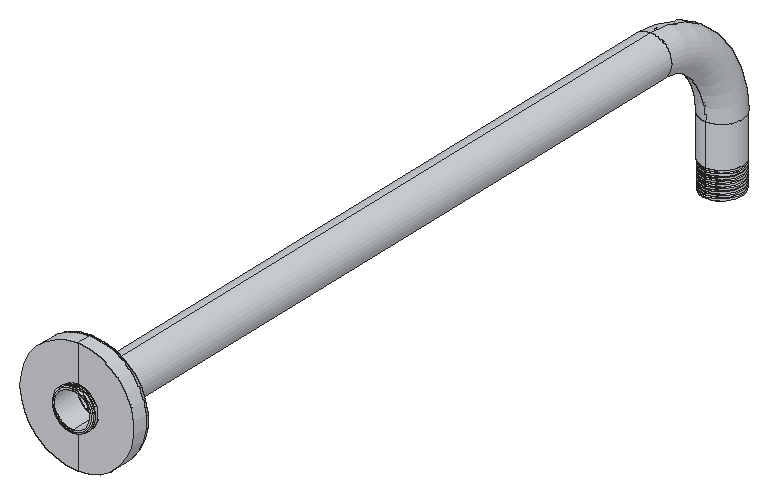
Revit family "S-2570wa", category Plumbing Equipment, host Wall, Revit 2023
Family settings
  Host = Wall
  Round Connector Dimension = Use Diameter
  Classification = None
  Part Type = Normal
  Always vertical = Yes
  Cut with Voids When Loaded = No
  Maintain Annotation Orientation = No
  Shared = No
  Room Calculation Point = No
Parameters
  Material = Stainless Steel, Polished
  Default Elevation = 0' - 0"
Reference planes (in)
  plane 1: y = 0
  plane 2 "Center (Left/Right)": x = 0
  plane 3 "Wall Edge": y = 3
Lines and regions (in)
  symbolic lines, not visible
    curve 1: line (0, 18.78426, -3.125) -> (0, 18.01536, -4.22311)
    curve 2: line (0, 18.78426, -3.125) -> (0, 18.54278, -3.1897)
    curve 3: line (0, 18.78426, -3.125) -> (0, 18.80605, -3.37405)
    curve 4: line (0, 18.01536, -4.22311) -> (0, 17.76536, -4.22311)
    curve 5: line (0, 18.96558, -3.125) -> (0, 19.73448, -4.22311)
    curve 6: line (0, 18.96558, -3.125) -> (0, 19.20706, -3.1897)
    curve 7: line (0, 18.96558, -3.125) -> (0, 18.94379, -3.37405)
    curve 8: line (0, 19.73448, -4.22311) -> (0, 19.98448, -4.22311)
Text (in)
  text "Placement Side" at (-70.3804, 28.46503, 0), in view "Ref. Level"
  text "⌀" at (0, 10.53891, -1.62068), in view "Right"
  text "⌀" at (0, 2.0886, 0.34649), in view "Right"
  text "2X 1/2-14 NPTF" at (0, 15.85471, -4.2071), in view "Right"
  text "⌀" at (0, 7.05341, -1.68752), in view "Left"
  text "⌀" at (0, 0.5989, 0.33694), in view "Left"
  text "2X 1/2-14 NPTF" at (0, 21.91721, -4.2071), in view "Left"
Dimensions and locks (in)
  locked: plane 3 "Wall Edge" to host wall
  nested 1 to nested 1 = 1' - 3.99992"  (x2)
  nested 1 to nested 1 = 0' - 2 1/4"  (x2)
  nested 1 to plane 3 "Wall Edge" = 0' - 0 3/8"  (x2)
  nested 1 to nested 1 = 0' - 3 1/8"  (x2)
  nested 1 to nested 1 = 0' - 0 13/16"  (x2)
Nested families (in)
  nested 1: "S-2570" at (0, 3, 0) x (-1, 0, 0) z (0, 1, 0), type "S-2570"
Definition of nested family "S-2570"
  Parameters (values of type "S-2570")
    Mounting Plate width = 0' - 2 1/2"
    Material = none
    Default Elevation = 4' - 0"
  Reference planes (in)
    plane 1 "Center (Front/Back)": y = 0
    plane 2: z = 0
    plane 3 "Center (Left/Right)": x = 0
    plane 4: x = 1.25
    plane 5: x = -1.25
    plane 6: z = 15.87492
  Forms (in)
    Extrusion 1, solid
      sketch origin (0, 0, 0) x (1, 0, 0) y (0, 1, 0)
        loop
          line (-48, 48) -> (-48, -48) -> (48, -48) -> (48, 48) -> (-48, 48)
      from 0 to -12
    Sweep 2, solid, material <- "Material"
      path origin (0, 0, 11.65616) x (0, 1, 0) y (0, 0, 1)
        loop
          line (0, -11.21866) -> (0, 2.46884)
          arc (0, 2.46884) -> (-0.51256, 3.70628) -> (-1.75, 4.21884) r 1.75
          line (-1.75, 4.21884) -> (-3.125, 4.21884)
      profile origin (0, 0, 7.28125) x (0, -1, 0) y (1, 0, 0)
        loop
          circle (0.00008, -0.00007) r 0.40625
    Sweep 3, void
      path origin (0, 0, 11.65616) x (0, 1, 0) y (0, 0, 1)
        loop
          line (0, -11.78116) -> (0, -11.21866) -> (0, 2.46884)
          arc (0, 2.46884) -> (-0.51256, 3.70628) -> (-1.75, 4.21884) r 1.75
          line (-1.75, 4.21884) -> (-3.125, 4.21884)
      profile origin (0, 0, 7.28125) x (0, -1, 0) y (1, 0, 0)
        loop
          circle (0.00008, -0.00007) r 0.34767
    Revolve 4, solid, material <- "Material"
      sketch origin (0, 0, -0.02244) x (0, 1, 0) y (0, 0, 1)
        loop
          line (-0.4063, 0.02244) -> (-0.4063, 0.39744) -> (-1.05511, 0.39744)
          arc (-1.05511, 0.39744) -> (-1.10453, 0.37697) -> (-1.125, 0.32756) r 0.06989
          line (-1.125, 0.32756) -> (-1.125, 0.02244) -> (-0.4063, 0.02244)
        axis (0, 0.02244) -> (0, 0.39744)
      angle from 0 to 360
    Sweep 5, void
      path in 3D
        loop
          arc (-0.00007, -3.125, 15.46867) -> (-0.40632, -3.125, 15.87492) -> (-0.00007, -3.125, 16.28117) r 0.40625
          arc (-0.00007, -3.125, 16.28117) -> (0.40618, -3.125, 15.87492) -> (-0.00007, -3.125, 15.46867) r 0.40625
      profile origin (0.40618, -3.125, 15.87492) x (0, -1, 0) y (1, 0, 0)
        loop
          line (0, -0.03878) -> (0, 0.04082) -> (-0.5625, 0.04082) -> (-0.5625, -0.03878) -> (-0.54688, -0.01172) -> (-0.51563, -0.01172) -> (-0.5, -0.03878) -> (-0.48438, -0.01172) -> (-0.45313, -0.01172) -> (-0.4375, -0.03878) -> (-0.42188, -0.01172) -> (-0.39063, -0.01172) -> (-0.375, -0.03878) -> (-0.35938, -0.01172) -> (-0.32813, -0.01172) -> (-0.3125, -0.03878) -> (-0.29688, -0.01172) -> (-0.26563, -0.01172) -> (-0.25, -0.03878) -> (-0.23438, -0.01172) -> (-0.20313, -0.01172) -> (-0.1875, -0.03878) -> (-0.17188, -0.01172) -> (-0.14062, -0.01172) -> (-0.125, -0.03878) -> (-0.10937, -0.01172) -> (-0.07812, -0.01172) -> (-0.0625, -0.03878) -> (-0.04687, -0.01172) -> (-0.01562, -0.01172) -> (0, -0.03878)
    Revolve 6, solid, material <- "Material"
      sketch origin (0, 0, 10.45985) x (0, 1, 0) y (0, 0, 1)
        loop
          line (-0.37927, -10.58485) -> (-0.34845, -10.58485) -> (-0.34845, -10.02235) -> (-0.37927, -10.02235) -> (-0.40633, -10.03798) -> (-0.40633, -10.06923) -> (-0.37927, -10.08485) -> (-0.40633, -10.10048) -> (-0.40633, -10.13173) -> (-0.37927, -10.14735) -> (-0.40633, -10.16298) -> (-0.40633, -10.19423) -> (-0.37927, -10.20985) -> (-0.40633, -10.22548) -> (-0.40633, -10.25673) -> (-0.37927, -10.27235) -> (-0.40633, -10.28798) -> (-0.40633, -10.31923) -> (-0.37927, -10.33485) -> (-0.40633, -10.35048) -> (-0.40633, -10.38173) -> (-0.37927, -10.39735) -> (-0.40633, -10.41298) -> (-0.40633, -10.44423) -> (-0.37927, -10.45985) -> (-0.40633, -10.47548) -> (-0.40633, -10.50673) -> (-0.37927, -10.52235) -> (-0.40633, -10.53798) -> (-0.40633, -10.56923) -> (-0.37927, -10.58485)
        axis (-0.00008, -10.02235) -> (-0.00008, -10.58485)
      angle from 0 to 360
  Cuts and joins
    Sweep 3, Sweep 5 cuts Sweep 2
  Lines and regions (in)
    sketch lines
      curve 1: arc (-0.00007, -3.125, 16.28117) -> (0.40618, -3.125, 15.87492) -> (-0.00007, -3.125, 15.46867) r 0.40625
      curve 2: arc (-0.00007, -3.125, 15.46867) -> (-0.40632, -3.125, 15.87492) -> (-0.00007, -3.125, 16.28117) r 0.40625
  Dimensions and locks (in)
    equal spacing: plane 5, plane 3 "Center (Left/Right)", plane 4
    "Mounting Plate width": plane 5 to plane 4
    aligned and locked: plane 2 to Extrusion 1
    aligned and locked: level to Extrusion 1
    aligned and locked: Revolve 6 to Revolve 6
    aligned and locked: Revolve 4 to Extrusion 1
  Automatic sketch dimensions
    Extrusion 1 sketch curve to Extrusion 1 sketch curve = 8' - 0"  (x2)
    Sweep 2 sketch curve to profile plane = 0' - 0.00008"
    Sweep 2 sketch curve to plane 3 "Center (Left/Right)" = 0' - 0.00007"
    Sweep 3 sketch curve to profile plane = 0' - 0.00008"
    Sweep 3 sketch curve to plane 3 "Center (Left/Right)" = 0' - 0.00007"
    profile plane to Sweep 3 sketch curve = 0' - 0.34759"
    Sweep 3 sketch curve to plane 1 "Center (Front/Back)" = 0' - 0"
    level to Sweep 3 sketch curve = 0' - 0 7/16"
    level to Sweep 3 sketch curve = 1' - 2 1/8"
    Sweep 3 sketch curve to Sweep 3 sketch curve = 0' - 1 3/8"
    Sweep 3 sketch curve to Sweep 3 sketch curve = 0' - 0 9/16"
    profile plane to Sweep 5 sketch curve = 0' - 0"
    Sweep 5 sketch curve to profile plane = 0' - 0 1/64"
    profile plane to Sweep 5 sketch curve = 0' - 0 3/256"  (x9)
    Sweep 5 sketch curve to Sweep 5 sketch curve = 0' - 0 1/32"  (x15)
    Sweep 5 sketch curve to Sweep 5 sketch curve = 0' - 0 1/64"  (x11)
    profile plane to Sweep 5 sketch curve = 0' - 0.03878"  (x7)
    Sweep 5 sketch curve to Sweep 5 sketch curve = 0' - 0.02706"  (x3)
    Sweep 5 sketch curve to profile plane = 0' - 0.04082"
    Sweep 2 sketch curve to plane 1 "Center (Front/Back)" = 0' - 0"
    level to Sweep 2 sketch curve = 1' - 2 1/8"
    Sweep 2 sketch curve to Sweep 2 sketch curve = 0' - 1 3/8"
    level to Sweep 2 sketch curve = 0' - 0 7/16"
    plane 1 "Center (Front/Back)" to Revolve 6 sketch curve = 0' - 0.40633"  (x2)
    Revolve 6 sketch curve to Revolve 6 sketch curve = 0' - 0"  (x7)
    Revolve 6 sketch curve to Revolve 6 sketch curve = 0' - 0.02706"  (x10)
    Revolve 6 sketch curve to Revolve 6 sketch curve = 0' - 0.03081"
    Revolve 6 sketch curve to level = 0' - 0 1/8"
    Revolve 6 sketch curve to Revolve 6 sketch curve = 0' - 0 1/64"  (x15)
    Revolve 6 sketch curve to Revolve 6 sketch curve = 0' - 0 1/32"  (x12)
    plane 1 "Center (Front/Back)" to Revolve 6 sketch curve = 0' - 0.00008"
    Revolve 6 sketch curve to Revolve 6 sketch curve = 0' - 0.1048"  (x2)
    Revolve 4 sketch curve to plane 1 "Center (Front/Back)" = 0' - 0"
    plane 1 "Center (Front/Back)" to Revolve 4 sketch curve = 0' - 0.4063"
    Revolve 4 sketch curve to Revolve 4 sketch curve = 0' - 0.06989"
    level to Revolve 4 sketch curve = 0' - 0.30511"
    Revolve 4 sketch curve to Revolve 4 sketch curve = 0' - 0 1/4"
    Revolve 4 sketch curve to Revolve 4 sketch curve = 0' - 0.48984"
    Revolve 4 sketch curve to level = 0' - 0"
    plane 1 "Center (Front/Back)" to Sweep 2 sketch curve = 0' - 1 3/4"
    plane 1 "Center (Front/Back)" to Sweep 3 sketch curve = 0' - 1 3/4"
    Revolve 4 sketch curve to Revolve 4 sketch curve = 0' - 0.64881"
    radius of Sweep 2 sketch curve = 0' - 0 13/32"
